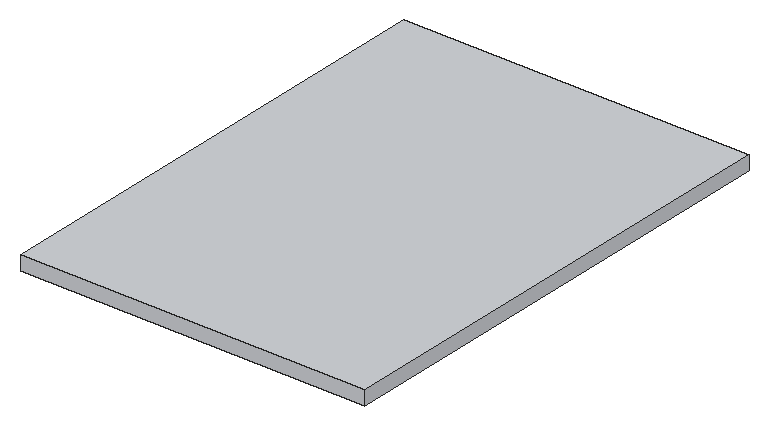
Revit family "MLR3-M", category Lighting Fixtures, host Face, Revit 2019
Family settings
  Host = Face
  Round Connector Dimension = Use Diameter
  Part Type = Normal
  OmniClass Number = 23.80.70.11
  OmniClass Title = Luminaries for Internal Lighting
  Cut with Voids When Loaded = No
  Light Source = Yes
  Shared = No
  Room Calculation Point = No
Parameters
  Final Hanging Points [instance] = if(Fixture Length > 12' 0", 3, No of Hanging Points)  # 2
  No of Hanging Points = 2
  Emit from Rectangle Width = 2' - 0"
  Emit from Rectangle Length = 4' - 0"
  Emit Shape Visible in Rendering = no
  Default Elevation [instance] = 4' - 0"
  Cable Suspension [instance] = 1' - 6"
  Wattage Comments = ""
  Wattage = 7.40531 W
  built-in parameter 1150110 = 1 (stored number, unit not read)
  Voltage Comment = "120/277 UNV Volt"
  Voltage [instance] = 120 V
  URL = "https://mercltg.com/product/mlr3-m/"
  built-in parameter 1114217 = 1 (stored number, unit not read)
  Tilt Angle = 90.00°
  built-in parameter 1150109 = 1 (stored number, unit not read)
  built-in parameter 1150134 = (empty or 0)
  built-in parameter 1150113 = 1 (stored number, unit not read)
  No of Poles [instance] = 1
  Model = "MLR3-M"
  Manufacturer = "Mercury Lighting"
  Load Classifcation = Lighting
  Load [instance] = 0 W
  Photometric Web File = "mer12182822.28-MLR3-M-48-770-35K-ASO-A401-U.ies"
  Lumens = 1100 lm
  built-in parameter 1150115 = 1 (stored number, unit not read)
  built-in parameter 1150105 = 87.535 (stored number, unit not read)
  built-in parameter 1150137 = (empty or 0)
  built-in parameter 1150139 = (empty or 0)
  Lens = Acrylic
  built-in parameter 1150112 = 1 (stored number, unit not read)
  built-in parameter 1150114 = 1 (stored number, unit not read)
  Lamp = "LED"
  built-in parameter 1150132 = 2
  built-in parameter 1150102 = (empty or 0)
  built-in parameter 1150138 = (empty or 0)
  built-in parameter 1150107 = 3000 (stored number, unit not read)
  built-in parameter 1150106 = 0.87535 (stored number, unit not read)
  Housing = Metal, Paint Finish, White, Matte
  Fixture Length [instance] = 4' - 0"
  Fixture width = 0' - 3"
  built-in parameter 1150104 = 13.8 (stored number, unit not read)
  Dimming Lamp Color Temperature Shift = (empty or 0)
  Color Filter = 16777215
  built-in parameter 1114218 = 1 (stored number, unit not read)
  built-in parameter 1150133 = 10 (stored number, unit not read)
  Apparent Load = 0 VA
Reference planes (in)
  plane 1 "Light Source Axis (F/B)": y = 0
  plane 2 "Ceiling": z = 0
  plane 3 "Light Source Axis (L/R)": x = 0
  plane 4 "Light Source Elevation": z = -20.5
  plane 5: x = 24
  plane 6: x = -24
  plane 7: x = 23.9375
  plane 8: x = -23.9375
  plane 9: z = -18
  plane 10: x = -23.5
  plane 11: x = 23.5
  plane 12: z = 0
  plane 13: x = -122.44502
Forms (in)
  Extrusion 1, solid, material "Metal, Paint Finish, White, Matte" <- "Housing"
    sketch origin (0, 0, -17.25) x (0, 1, 0) y (0, 0, 1)
      loop
        line (1.5, -0.75) -> (-1.5, -0.75) -> (-1.5, -4.25) -> (-1.5, -5) -> (-1.4375, -5) -> (-1.4375, -4.25) -> (1.4375, -4.25) -> (1.4375, -5) -> (1.5, -5) -> (1.5, -4.25) -> (1.5, -0.75)
    from -24 to 24
  Extrusion 2, void
    sketch origin (0, 0, 0) x (0, 1, 0) y (0, 0, 1)
      loop
        line (1.4375, -21.5) -> (1.4375, -20.5) -> (-1.4375, -20.5) -> (-1.4375, -21.5) -> (1.4375, -21.5)
    from -23.9375 to 23.9375
  Extrusion 3, solid, material "Acrylic" <- "Lens"
    sketch origin (0, 0, 0) x (0, 1, 0) y (0, 0, 1)
      loop
        line (1.4375, -21.5) -> (1.4375, -21.375) -> (-1.4375, -21.375) -> (-1.4375, -21.5) -> (1.4375, -21.5)
    from -23.9375 to 23.9375
  Extrusion 4, solid
    sketch origin (0, 0, 0) x (1, 0, 0) y (0, 1, 0)
      loop
        line (-148, -206) -> (148, -206) -> (148, 206) -> (-148, 206) -> (-148, -206)
    from 0 to 12
  Extrusion 5, solid, material "Metal, Paint Finish, White, Matte" <- "Housing"
    sketch origin (0, 0, 0) x (0, 1, 0) y (0, 0, 1)
      loop
        line (-1.5, -18) -> (-1.5, -22.25) -> (1.5, -22.25) -> (1.5, -18) -> (-1.5, -18)
    from 24 to 24.0625
  Extrusion 6, solid, material "Metal, Paint Finish, White, Matte" <- "Housing"
    sketch origin (0, 0, 0) x (0, 1, 0) y (0, 0, 1)
      loop
        line (1.5, -18) -> (-1.5, -18) -> (-1.5, -22.25) -> (1.5, -22.25) -> (1.5, -18)
    from -24.0625 to -24
Cuts and joins
  Extrusion 2 cuts Extrusion 1
Dimensions and locks (in)
  equal spacing: Extrusion 1 sketch curve, imposter light, Extrusion 1 sketch curve
  "Fixture width": Extrusion 1 sketch curve to Extrusion 1 sketch curve
  locked: Extrusion 1 sketch curve to Extrusion 1 sketch curve at 3.5
  equal spacing: plane 5, plane 3 "Light Source Axis (L/R)", plane 6
  "Fixture Length": plane 5 to plane 6
  locked: plane 8 to plane 6 at 0.0625
  locked: plane 7 to plane 5 at 0.0625
  locked: cut or joined group of Extrusion 1, Extrusion 2 to Extrusion 2 sketch curve at 0.0625  (x2)
  locked: Extrusion 2 sketch curve to Extrusion 2 sketch curve at 1
  locked: Extrusion 3 sketch curve to Extrusion 3 sketch curve at 0.125
  "Cable Suspension": plane 2 "Ceiling" to plane 9
  plane 9 to plane 4 "Light Source Elevation" to Extrusion 3 = 0' - 2 1/2" locked, 0' - 0 7/8" locked
  locked: plane 10 to plane 6 at 0.5
  locked: plane 5 to plane 11 at 0.5
  group 1 to group 2 = 3' - 11"
  group 1 to group 2 = 0' - 0"  (x2)
  locked: Extrusion 1 sketch curve to Extrusion 1 sketch curve at 0.75
  locked: Extrusion 6 to plane 6 at 0.0625
  locked: Extrusion 5 to Extrusion 5 at 0.0625
  aligned and locked: plane 3 "Light Source Axis (L/R)" to imposter light
  aligned and locked: plane 1 "Light Source Axis (F/B)" to imposter light
  aligned and locked: plane 4 "Light Source Elevation" to imposter light
  aligned and locked: plane 5 to Extrusion 1
  aligned and locked: Extrusion 1 to plane 6
  aligned and locked: plane 7 to Extrusion 2
  aligned and locked: Extrusion 2 to plane 8
  aligned and locked: plane 7 to Extrusion 3
  aligned and locked: Extrusion 3 to plane 8
  aligned and locked: cut or joined group of Extrusion 1, Extrusion 2 to Extrusion 2 sketch curve
  aligned and locked: cut or joined group of Extrusion 1, Extrusion 2 to Extrusion 3 sketch curve
  aligned and locked: imposter light to cut or joined group of Extrusion 1, Extrusion 2
  aligned and locked: Extrusion 3 sketch curve to cut or joined group of Extrusion 1, Extrusion 2  (x2)
  aligned and locked: plane 1 "Light Source Axis (F/B)" to nested 1
  aligned and locked: plane 10 to nested 1
  aligned and locked: plane 9 to nested 1
  aligned and locked: plane 11 to nested 2
  aligned and locked: Extrusion 1 sketch curve to Extrusion 1 sketch curve
  aligned and locked: Extrusion 5 sketch curve to cut or joined group of Extrusion 1, Extrusion 2  (x4)
  aligned and locked: Extrusion 5 to plane 5
  aligned and locked: Extrusion 6 sketch curve to plane 9
  aligned and locked: Extrusion 6 sketch curve to Extrusion 5  (x3)
  aligned and locked: plane 6 to Extrusion 6
Automatic sketch dimensions
  Extrusion 4 sketch curve to Extrusion 4 sketch curve = 24' - 8"
  Extrusion 4 sketch curve to Extrusion 4 sketch curve = 34' - 4"
  Extrusion 1 sketch curve to plane 9 = 0' - 0"
  Extrusion 1 sketch curve to Extrusion 1 sketch curve = 0' - 0 1/16"  (x2)
  Extrusion 1 sketch curve to Extrusion 1 sketch curve = 0' - 0"  (x2)
Nested families (in)
  nested 1: "Round Canopy" at (-23.5, 0, 0), Cord Height <- "Cable Suspension", type "Round Canopy"
    with Default Elevation 4' - 0", Cord Height 1' - 6", Canopy Width 0' - 1"
  nested 2: "Round Canopy" at (23.5, 0, 0), Cord Height <- "Cable Suspension", type "Round Canopy"
    with Default Elevation 4' - 0", Cord Height 1' - 6", Canopy Width 0' - 1"
Connectors (in)
  electrical at (-23.5, 0, 0), driven by "No of Poles", driven by "Load Classifcation", driven by "Voltage", driven by "Load"
    settings: on nested 1, index 1, voltage 120 V, apparent load 0 VA, apparent load phase1 0 VA, apparent load phase2 0 VA, apparent load phase3 0 VA, power factor 1, load classification "Lighting", number of poles 1, system type 31, power factor state 1, is connector primary yes, connector utility no, sub classification motor no, connector description ""
Definition of nested family "Round Canopy"
  Parameters (values of type "Round Canopy")
    Default Elevation [instance] = 4' - 0"
    Cord Height [instance] = 1' - 0"
    Canopy Width [instance] = 0' - 1"
  Reference planes (in)
    plane 1 "Center (Front/Back)": y = 0
    plane 2 "Ceiling": z = 0
    plane 3 "Center (Left/Right)": x = 0
    plane 4: z = 0
  Forms (in)
    Revolve 1, solid
      sketch origin (0, 0, 0) x (1, 0, 0) y (0, 0, 1)
        loop
          line (0.1679, -12) -> (0.1679, -10.8) -> (0.03125, -10.8) -> (0.03125, -1.57425) -> (0.20625, -1.57425) -> (0.20625, -0.37425) -> (1, -0.37425) -> (1, 0) -> (0, 0) -> (0, -12) -> (0.1679, -12)
        axis (0, 0) -> (0, -12)
      angle from 0 to 360
    Extrusion 2, solid
      sketch origin (0, 0, 0) x (1, 0, 0) y (0, 1, 0)
        loop
          line (-60, -60) -> (60, -60) -> (60, 60) -> (-60, 60) -> (-60, -60)
      from 0 to 12
  Dimensions and locks (in)
    Revolve 1 sketch curve to Revolve 1 sketch curve to Revolve 1 sketch curve = 0' - 0.13665" locked, 0' - 0 1/32" locked
    locked: Revolve 1 sketch curve to Revolve 1 sketch curve at 1.2  (x2)
    locked: Revolve 1 sketch curve to Revolve 1 sketch curve at 0.175
    locked: Revolve 1 sketch curve to Revolve 1 sketch curve at 0.37425
    "Cord Height": Revolve 1 to Revolve 1
    "Canopy Width": Revolve 1 sketch curve to Revolve 1 sketch curve
    aligned and locked: Revolve 1 sketch curve to plane 3 "Center (Left/Right)"
  Automatic sketch dimensions
    Revolve 1 sketch curve to plane 2 "Ceiling" = 0' - 0"  (x2)
    Revolve 1 sketch curve to plane 3 "Center (Left/Right)" = 0' - 0"
    Revolve 1 sketch curve to Revolve 1 sketch curve = 0' - 9.22575"
    Revolve 1 sketch curve to Revolve 1 sketch curve = 0' - 10.47575"
    Extrusion 2 sketch curve to Extrusion 2 sketch curve = 10' - 0"  (x2)
